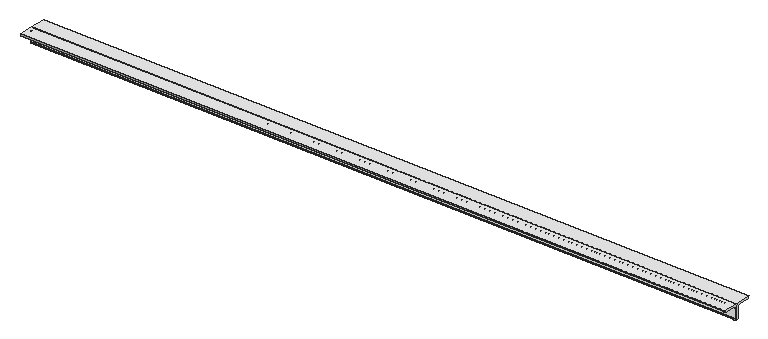
Revit family
Parameters (values of type "2L 25X3")
  k = 6 mm
  시작 확장 계산 [instance] = 3012.5 mm + 시작 확장  # 3000 mm
  시작 확장 [instance] = -12.5 mm
  끝 확장 계산 [instance] = 3012.5 mm + 끝 확장  # 3000 mm
  끝 확장 [instance] = -12.5 mm
  보 재료 [instance] = 금속 - 스틸 - 345 MPa
  A = 285.40 m²
  Length [instance] = 1500 mm
  W = 0.022
  공간 = 0 mm
  b = 25 mm
  d = 25 mm
  t = 3 mm
  y = 7.2 mm
Reference planes
  plane 1 "중심(앞/뒤)": y = 0
  plane 2: z = 0
  plane 3 "중심(왼쪽/오른쪽)": x = 4.61
  plane 4 "왼쪽 부재": x = -604.99
  plane 5 "오른쪽 부재": x = 614.21
  plane 6: y = 25
  plane 7: y = -25
  plane 8 "상단": z = 7.2
  plane 9: z = -17.8
  plane 10: y = 0
  plane 11: y = 0
  plane 12 "왼쪽": x = -757.39
  plane 13 "오른쪽": x = 742.61
  plane 14: x = -604.99
  plane 15: x = 614.21
  plane 16: x = 2395.01
  plane 17: x = -2385.79
Forms (mm)
  Sweep 1, solid, material "금속 - 스틸 - 345 MPa" <- "보 재료", detail levels fine
    path origin (0, 0, 0) x (1, 0, 0) y (0, 1, 0)
      loop
        line (614.21, 0) -> (-604.99, 0)
    profile "M_2L-각도-프로파일-섬세 : M_2L-각도-프로파일-섬세" origin (4.61, 0, 0) x (0, -1, 0) y (0, 0, 1)
      loop
        arc (0, -17.8) -> (2.121, -16.921) -> (3, -14.8) r 3
        line (3, -14.8) -> (3, 1.2)
        arc (3, 1.2) -> (3.879, 3.321) -> (6, 4.2) r 3
        line (6, 4.2) -> (22, 4.2)
        arc (22, 4.2) -> (24.121, 5.079) -> (25, 7.2) r 3
        line (25, 7.2) -> (0, 7.2) -> (0, -17.8)
  Sweep 2, solid, material "금속 - 스틸 - 345 MPa" <- "보 재료", detail levels fine
    path origin (0, 0, 0) x (1, 0, 0) y (0, 1, 0)
      loop
        line (614.21, 0) -> (-604.99, 0)
    profile "M_2L-각도-프로파일-섬세 : M_2L-각도-프로파일-섬세" origin (4.61, 0, 0) x (0, -1, 0) y (0, 0, 1)
      loop
        line (0, -17.8) -> (0, 7.2) -> (-25, 7.2)
        arc (-25, 7.2) -> (-24.121, 5.079) -> (-22, 4.2) r 3
        line (-22, 4.2) -> (-6, 4.2)
        arc (-6, 4.2) -> (-3.879, 3.321) -> (-3, 1.2) r 3
        line (-3, 1.2) -> (-3, -14.8)
        arc (-3, -14.8) -> (-2.121, -16.921) -> (0, -17.8) r 3
  Sweep 3, solid, material "금속 - 스틸 - 345 MPa" <- "보 재료", detail levels medium
    path origin (0, 0, 0) x (1, 0, 0) y (0, 1, 0)
      loop
        line (614.21, 0) -> (-604.99, 0)
    profile "M_2L-각도-프로파일-중간 : M_2L-각도-프로파일-중간" origin (4.61, 0, 0) x (0, -1, 0) y (0, 0, 1)
      loop
        line (0, -17.8) -> (3, -17.8) -> (3, 4.2) -> (25, 4.2) -> (25, 7.2) -> (0, 7.2) -> (0, -17.8)
  Sweep 4, solid, material "금속 - 스틸 - 345 MPa" <- "보 재료", detail levels medium
    path origin (0, 0, 0) x (1, 0, 0) y (0, 1, 0)
      loop
        line (614.21, 0) -> (-604.99, 0)
    profile "M_2L-각도-프로파일-중간 : M_2L-각도-프로파일-중간" origin (4.61, 0, 0) x (0, -1, 0) y (0, 0, 1)
      loop
        line (0, -17.8) -> (0, 7.2) -> (-25, 7.2) -> (-25, 4.2) -> (-3, 4.2) -> (-3, -17.8) -> (0, -17.8)
Lines and regions (mm)
  symbolic lines, style "숨겨진 면", detail levels medium+fine
    curve 1: line (-604.99, 3, 0) -> (614.21, 3, 0)
    curve 2: line (-604.99, -3, 0) -> (614.21, -3, 0)
  symbolic lines, style "기호 부착", detail levels coarse
    curve 3: line (4.61, 25, 7.2) -> (4.61, 0, 7.2)
    curve 4: line (4.61, 0, 7.2) -> (4.61, -25, 7.2)
    curve 5: line (4.61, 0, -17.8) -> (4.61, 0, 7.2)
    curve 6: line (4.61, 0, 7.2) -> (4.61, 0, -17.8)
Dimensions and locks
  "d": plane 9 to plane 8 "상단"
  "y": plane 8 "상단" to plane 2
  equal spacing: plane 10, plane 1 "중심(앞/뒤)", plane 11
  "b": plane 11 to plane 7
  "b": plane 6 to plane 10
  "공간": plane 10 to plane 11
  "Length": plane 12 "왼쪽" to plane 13 "오른쪽"
  locked: plane 4 "왼쪽 부재" to plane 16 at 3000
  locked: plane 17 to plane 5 "오른쪽 부재" at 3000
  "끝 확장 계산": plane 17 to plane 15
  "시작 확장 계산": plane 14 to plane 16
  aligned and locked: Sweep 1 sketch curve to plane 1 "중심(앞/뒤)"
  aligned and locked: Sweep 2 sketch curve to plane 1 "중심(앞/뒤)"
  aligned and locked: Sweep 3 sketch curve to plane 1 "중심(앞/뒤)"
  aligned and locked: Sweep 4 sketch curve to plane 1 "중심(앞/뒤)"
  aligned and locked: Sweep 4 to curve 3
  aligned and locked: curve 4 to Sweep 3
  aligned and locked: Sweep 3 to curve 5
  aligned and locked: curve 6 to Sweep 4
  aligned and locked: curve 3 to Sweep 4
  aligned and locked: Sweep 3 to curve 4
  aligned and locked: curve 5 to Sweep 3
  aligned and locked: Sweep 4 to curve 6
  aligned and locked: plane 14 to Sweep 4 sketch curve
  aligned and locked: plane 15 to Sweep 4 sketch curve
  aligned and locked: plane 14 to Sweep 2 sketch curve
  aligned and locked: plane 15 to Sweep 2 sketch curve
  aligned and locked: plane 14 to Sweep 3 sketch curve
  aligned and locked: plane 15 to Sweep 3 sketch curve
  aligned and locked: plane 14 to Sweep 1 sketch curve
  aligned and locked: plane 15 to Sweep 1 sketch curve
  aligned and locked: plane 14 to curve 2
  aligned and locked: plane 14 to curve 1
  aligned and locked: plane 15 to curve 1
  aligned and locked: plane 15 to curve 2
  aligned and locked: curve 1 to Sweep 4
  aligned and locked: curve 2 to Sweep 3
